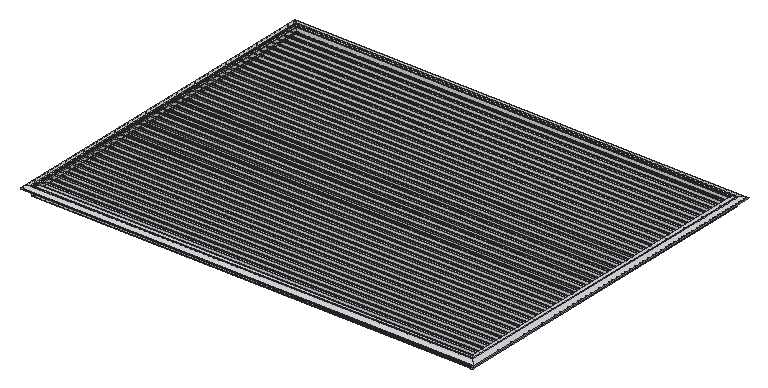
Revit family "11102_GEK1", category Air Terminals, Revit 2012
Parameters (values of type "GEK1")
  Visible_Texto = not(and(and(and(Medida_Requerida_Vertical > 5", Medida_Requerida_Vertical < 37"), and(Medida_Requerida_Horizontal > 5", Medida_Requerida_Horizontal < 49")), and(Medida_Requerida_Vertical = (Var1 * 1"), Medida_Requerida_Horizontal = (Var2 * 1"))))  # no
  Var4 = if(Var1 * 1" < 6", 6", if(Var1 * 1" > 36", 36", Var1 * 1"))  # 36"
  Var3 = if(Var2 * 1" < 6", 6", if(Var2 * 1" > 48", 48", Var2 * 1"))  # 48"
  Var2 = roundup(Medida_Requerida_Horizontal / 2") * 2  # 48
  Var1 = roundup(Medida_Requerida_Vertical / 2") * 2  # 36
  URL = "https://www.innes.com.mx"
  Type Comments = "Aletas tipo \"K\""
  Tipo de Cuello = "Cuadrado/Rectangular"
  Posición de Instalación = "Muro"
  Nota1 = if(Medida_Requerida_Vertical > 36", "Medida vertical no disponible máximo 36 in", if(Medida_Requerida_Vertical < 6", "Medida vertical no disponible mínimo 6 in", if(Medida_Requerida_Horizontal > 48", "Medida horizontal no disponible máximo 48 in", if(Medida_Requerida_Horizontal < 6", "Medida horizontal no disponible mínimo 6 in", if(and(Medida_Requerida_Vertical = (Var1 * 1"), Medida_Requerida_Horizontal = (Var2 * 1")), ".", "Medida no Válida. Sólo incrementos de 2 in")))))  # "."
  Model = "GEK1"
  Medida_Requerida_Vertical = 36"
  Medida_Requerida_Horizontal = 48"
  Material = "Aluminio"
  Manufacturer = "INNES"
  Incrementos de Cuello = "de 2\""
  Description = "Rejilla para toma de aire exterior"
  Inclinación = "30 grados"
  Cuello Rectangular Min-Max = "8\"x6\" a 48\"x36\""
  Cuello Cuadrado Min-Max = "6\"x6\" a 36\"x36\""
  Conect_Vertical = Var4 - 1" / 4  # 35 3/4"
  Conect_Horizontal = Var3 - 1" / 4  # 47 3/4"
Reference planes (in)
  plane 1 "Center (Front/Back)": y = 0
  plane 2: z = 0
  plane 3 "Center (Left/Right)": x = 0
  plane 4 "Conect": z = -0.99909
Nested families (in)
  nested 1: "GEK1" at (0, 0, 0), type "GEK1"
  nested 2: "Texto" at (24.88732, -30.10098, 0), type "texto"
    with Visible_Texto no
Connectors (in)
  hvac at (0, 0, -0.99909), driven by "Conect_Horizontal", driven by "Conect_Vertical"
    settings: index 1, duct flow 0.0 L/s, flow factor 0, pres drop 0.0 Pa, loss coef 0, conn angle 0.00°, conn width 1212.85 mm, conn height 908.05 mm, conn radius 304.8 mm, duct sys type 1, conn prof type 1, flow config 0, flow direction 0, loss method 0, conn ref index -1, conn util no, is conn primary yes, conn desc ""
Definition of nested family "GEK1"
  Parameters (values of type "GEK1")
    separación = 13" / 16  # 13/16"
    Var4 = if(Var1 * 1" < 6", 6", if(Var1 * 1" > 36", 36", Var1 * 1"))  # 36"
    Var3 = if(Var2 * 1" < 6", 6", if(Var2 * 1" > 48", 48", Var2 * 1"))  # 48"
    Var2 = roundup(Medida_Requerida_Horizontal / 2") * 2  # 48
    Var1 = roundup(Medida_Requerida_Vertical / 2") * 2  # 36
    URL = ""
    N° de rejillas = (Medida_Real_Vertical / (separación)) - 1  # 43
    Medida_Requerida_Vertical = 36"
    Medida_Requerida_Horizontal = 48"
    Manufacturer = ""
    Medida_Real_Vertical = Var4 - 1" / 4  # 35 3/4"
    Medida_Real_Horizontal = Var3 - 1" / 4  # 47 3/4"
    Largo_Rejilla = Medida_Real_Horizontal - 31/128"  # 47 65/128"
  Reference planes (in)
    plane 1 "Center (Front/Back)": y = 0
    plane 2: z = 0
    plane 3 "Center (Left/Right)": x = 0
    plane 4: x = -23.875
    plane 5: x = 23.875
    plane 6: y = 17.875
    plane 7: y = -17.875
    plane 8: z = -0.39062
    plane 9: y = 17.125
  Forms (in)
    Sweep 1, solid
      path origin (0, 0, 0) x (1, 0, 0) y (0, 1, 0)
        loop
          line (-23.875, 17.875) -> (-23.875, -17.875) -> (23.875, -17.875) -> (23.875, 17.875) -> (-23.875, 17.875)
      profile origin (0, 17.875, 0) x (0, 1, 0) y (0, 0, 1)
        loop
          line (-0.12109, -0.0625) -> (-0.12109, -0.70625)
          arc (-0.12109, -0.70625) -> (-0.07919, -0.7236) -> (-0.06184, -0.76551) r 0.05926
          line (-0.06184, -0.76551) -> (-0.06184, -0.96784)
          arc (-0.06184, -0.96784) -> (-0.03059, -0.99909) -> (0.00066, -0.96784) r 0.03125
          line (0.00066, -0.96784) -> (0.00066, -0.68408)
          arc (0.00066, -0.68408) -> (-0.02655, -0.65716) -> (-0.06184, -0.64229) r 0.10104
          line (-0.06184, -0.64229) -> (-0.06184, -0.25) -> (0.26558, -0.25) -> (0.26558, -0.21398) -> (0.19854, -0.21398) -> (0.19854, -0.17208) -> (0.44854, -0.17208) -> (0.44854, -0.21398) -> (0.38213, -0.21398) -> (0.38213, -0.25) -> (0.53314, -0.25) -> (0.53314, -0.21398) -> (0.58076, -0.21398) -> (0.58076, -0.25) -> (0.67507, -0.25)
          arc (0.67507, -0.25) -> (0.6875, -0.2286) -> (0.67731, -0.20605) r 0.02704
          arc (0.67731, -0.20605) -> (0.39949, -0.05299) -> (0.08674, 0) r 0.94936
          line (0.08674, 0) -> (0.01272, 0) -> (-0.00639, -0.03448) -> (-0.02226, 0) -> (-0.3569, 0)
          arc (-0.3569, 0) -> (-0.375, -0.03053) -> (-0.35961, -0.0625) r 0.03757
          line (-0.35961, -0.0625) -> (-0.12109, -0.0625)
  Dimensions and locks (in)
    equal spacing: plane 4, plane 3 "Center (Left/Right)", plane 5
    equal spacing: plane 6, plane 1 "Center (Front/Back)", plane 7
    "Medida_Real_Horizontal": plane 4 to plane 5
    "Medida_Real_Vertical": plane 6 to plane 7
    locked: level to plane 8 at 0.39063
    plane 6 to plane 9 = 3/4"
    equal spacing: group 1, group 2, group 3, group 4, group 5, group 6, group 7, group 8, group 9, group 10, group 11, group 12, group 13, group 14, group 15, group 16, group 17, group 18, group 19, group 20, group 21, group 22, group 23, group 24, group 25, group 26, group 27, group 28, group 29, group 30, group 31, group 32, group 33, group 34, group 35, group 36, group 37, group 38, group 39, group 40, group 41, group 42, group 43  (x2)
    equal spacing: group 43, group 42, group 41, group 40, group 39, group 38, group 37, group 36, group 35, group 34, group 33, group 32, group 31, group 30, group 29, group 28, group 27, group 26, group 25, group 24, group 23, group 22, group 21, group 20, group 19, group 18, group 17, group 16, group 15, group 14, group 13, group 12, group 11, group 10, group 9, group 8, group 7, group 6, group 5, group 4, group 3, group 2, group 1
    "separación": plane 9 to nested 2
    aligned and locked: plane 2 to level
    aligned and locked: Sweep 1 sketch curve to plane 6
    aligned and locked: plane 4 to Sweep 1 sketch curve
    aligned and locked: plane 7 to Sweep 1 sketch curve
    aligned and locked: Sweep 1 sketch curve to plane 5
    aligned and locked: level to Sweep 1  (x2)
    aligned and locked: plane 9 to nested 1  (x2)
    aligned and locked: nested 1 to Sweep 1  (x7)
    aligned and locked: nested 1 to nested 1
    aligned and locked: Sweep 1 to nested 1  (x5)
    aligned and locked: Sweep 1 to Sweep 1  (x6)
    aligned and locked: nested 2 to nested 2
    aligned and locked: nested 2 to Sweep 1  (x5)
    aligned and locked: Sweep 1 to nested 2  (x5)
    aligned and locked: nested 3 to nested 3
    aligned and locked: nested 4 to nested 4
    aligned and locked: nested 5 to nested 5
    aligned and locked: nested 6 to nested 6
    aligned and locked: nested 7 to nested 7
    aligned and locked: nested 8 to nested 8
    aligned and locked: nested 9 to nested 9
    aligned and locked: nested 10 to nested 10
    aligned and locked: nested 11 to nested 11
    aligned and locked: nested 12 to nested 12
    aligned and locked: nested 13 to nested 13
    aligned and locked: nested 14 to nested 14
    aligned and locked: nested 15 to nested 15
    aligned and locked: nested 16 to nested 16
    aligned and locked: nested 17 to nested 17
    aligned and locked: nested 18 to nested 18
    aligned and locked: nested 19 to nested 19
    aligned and locked: nested 20 to nested 20
    aligned and locked: nested 21 to nested 21
    aligned and locked: nested 22 to nested 22
    aligned and locked: nested 23 to nested 23
    aligned and locked: nested 24 to nested 24
    aligned and locked: nested 25 to nested 25
    aligned and locked: nested 26 to nested 26
    aligned and locked: nested 27 to nested 27
    aligned and locked: nested 28 to nested 28
    aligned and locked: nested 29 to nested 29
    aligned and locked: nested 30 to nested 30
    aligned and locked: nested 31 to nested 31
    aligned and locked: nested 32 to nested 32
    aligned and locked: nested 33 to nested 33
    aligned and locked: nested 34 to nested 34
    aligned and locked: nested 35 to nested 35
    aligned and locked: nested 36 to nested 36
    aligned and locked: nested 37 to nested 37
    aligned and locked: nested 38 to nested 38
    aligned and locked: nested 39 to nested 39
    aligned and locked: nested 40 to nested 40
    aligned and locked: nested 41 to nested 41
    aligned and locked: nested 42 to nested 42
    aligned and locked: nested 43 to nested 43
  Automatic sketch dimensions
    Sweep 1 sketch curve to level = 0"  (x2)
    Sweep 1 sketch curve to level = 1/16"
    Sweep 1 sketch curve to Sweep 1 sketch curve = 0.00271"
    Sweep 1 sketch curve to level = 0.03215"
    profile plane to Sweep 1 sketch curve = 31/256"
    Sweep 1 sketch curve to Sweep 1 sketch curve = 0.03837"
    profile plane to Sweep 1 sketch curve = 0.06184"  (x2)
    profile plane to Sweep 1 sketch curve = 0.03059"
    profile plane to Sweep 1 sketch curve = 0.02226"
    profile plane to Sweep 1 sketch curve = 0.00639"
    Sweep 1 sketch curve to profile plane = 0.01272"
    Sweep 1 sketch curve to Sweep 1 sketch curve = 0.07402"
    Sweep 1 sketch curve to profile plane = 0.19854"
    Sweep 1 sketch curve to Sweep 1 sketch curve = 0.06704"
    Sweep 1 sketch curve to Sweep 1 sketch curve = 0.11656"
    Sweep 1 sketch curve to Sweep 1 sketch curve = 17/256"
    Sweep 1 sketch curve to Sweep 1 sketch curve = 0.0846"
    Sweep 1 sketch curve to Sweep 1 sketch curve = 0.04761"
    Sweep 1 sketch curve to Sweep 1 sketch curve = 0.07974"
    Sweep 1 sketch curve to Sweep 1 sketch curve = 0.01458"
    Sweep 1 sketch curve to Sweep 1 sketch curve = 0.01682"
    Sweep 1 sketch curve to Sweep 1 sketch curve = 0"
    Sweep 1 sketch curve to level = 0.17208"
    Sweep 1 sketch curve to Sweep 1 sketch curve = 0.03602"  (x4)
    Sweep 1 sketch curve to Sweep 1 sketch curve = 0.0419"  (x2)
    Sweep 1 sketch curve to Sweep 1 sketch curve = 0.30708"
    Sweep 1 sketch curve to Sweep 1 sketch curve = 0.0418"
    Sweep 1 sketch curve to Sweep 1 sketch curve = 0.03489"
    Sweep 1 sketch curve to Sweep 1 sketch curve = 0.01847"
    Sweep 1 sketch curve to level = 0.03448"
    Sweep 1 sketch curve to Sweep 1 sketch curve = 0.21637"
  Nested families (in)
    nested 1: "Rejilla k" at (23.75391, 17.03104, -0.44766) x (-1, 0, 0) z (0, 0, 1), type "Rejilla k"
      with Largo rejilla K 47 65/128"
    nested 2: "Rejilla k" at (23.75391, 16.21854, -0.44766) x (-1, 0, 0) z (0, 0, 1), type "Rejilla k"
      with Largo rejilla K 47 65/128"
    nested 3: "Rejilla k" at (23.75391, 15.40604, -0.44766) x (-1, 0, 0) z (0, 0, 1), type "Rejilla k"
      with Largo rejilla K 47 65/128"
    nested 4: "Rejilla k" at (23.75391, 14.59354, -0.44766) x (-1, 0, 0) z (0, 0, 1), type "Rejilla k"
      with Largo rejilla K 47 65/128"
    nested 5: "Rejilla k" at (23.75391, 13.78104, -0.44766) x (-1, 0, 0) z (0, 0, 1), type "Rejilla k"
      with Largo rejilla K 47 65/128"
    nested 6: "Rejilla k" at (23.75391, 12.96854, -0.44766) x (-1, 0, 0) z (0, 0, 1), type "Rejilla k"
      with Largo rejilla K 47 65/128"
    nested 7: "Rejilla k" at (23.75391, 12.15604, -0.44766) x (-1, 0, 0) z (0, 0, 1), type "Rejilla k"
      with Largo rejilla K 47 65/128"
    nested 8: "Rejilla k" at (23.75391, 11.34354, -0.44766) x (-1, 0, 0) z (0, 0, 1), type "Rejilla k"
      with Largo rejilla K 47 65/128"
    nested 9: "Rejilla k" at (23.75391, 10.53104, -0.44766) x (-1, 0, 0) z (0, 0, 1), type "Rejilla k"
      with Largo rejilla K 47 65/128"
    nested 10: "Rejilla k" at (23.75391, 9.71854, -0.44766) x (-1, 0, 0) z (0, 0, 1), type "Rejilla k"
      with Largo rejilla K 47 65/128"
    nested 11: "Rejilla k" at (23.75391, 8.90604, -0.44766) x (-1, 0, 0) z (0, 0, 1), type "Rejilla k"
      with Largo rejilla K 47 65/128"
    nested 12: "Rejilla k" at (23.75391, 8.09354, -0.44766) x (-1, 0, 0) z (0, 0, 1), type "Rejilla k"
      with Largo rejilla K 47 65/128"
    nested 13: "Rejilla k" at (23.75391, 7.28104, -0.44766) x (-1, 0, 0) z (0, 0, 1), type "Rejilla k"
      with Largo rejilla K 47 65/128"
    nested 14: "Rejilla k" at (23.75391, 6.46854, -0.44766) x (-1, 0, 0) z (0, 0, 1), type "Rejilla k"
      with Largo rejilla K 47 65/128"
    nested 15: "Rejilla k" at (23.75391, 5.65604, -0.44766) x (-1, 0, 0) z (0, 0, 1), type "Rejilla k"
      with Largo rejilla K 47 65/128"
    nested 16: "Rejilla k" at (23.75391, 4.84354, -0.44766) x (-1, 0, 0) z (0, 0, 1), type "Rejilla k"
      with Largo rejilla K 47 65/128"
    nested 17: "Rejilla k" at (23.75391, 4.03104, -0.44766) x (-1, 0, 0) z (0, 0, 1), type "Rejilla k"
      with Largo rejilla K 47 65/128"
    nested 18: "Rejilla k" at (23.75391, 3.21854, -0.44766) x (-1, 0, 0) z (0, 0, 1), type "Rejilla k"
      with Largo rejilla K 47 65/128"
    nested 19: "Rejilla k" at (23.75391, 2.40604, -0.44766) x (-1, 0, 0) z (0, 0, 1), type "Rejilla k"
      with Largo rejilla K 47 65/128"
    nested 20: "Rejilla k" at (23.75391, 1.59354, -0.44766) x (-1, 0, 0) z (0, 0, 1), type "Rejilla k"
      with Largo rejilla K 47 65/128"
    nested 21: "Rejilla k" at (23.75391, 0.78104, -0.44766) x (-1, 0, 0) z (0, 0, 1), type "Rejilla k"
      with Largo rejilla K 47 65/128"
    nested 22: "Rejilla k" at (23.75391, -0.03146, -0.44766) x (-1, 0, 0) z (0, 0, 1), type "Rejilla k"
      with Largo rejilla K 47 65/128"
    nested 23: "Rejilla k" at (23.75391, -0.84396, -0.44766) x (-1, 0, 0) z (0, 0, 1), type "Rejilla k"
      with Largo rejilla K 47 65/128"
    nested 24: "Rejilla k" at (23.75391, -1.65646, -0.44766) x (-1, 0, 0) z (0, 0, 1), type "Rejilla k"
      with Largo rejilla K 47 65/128"
    nested 25: "Rejilla k" at (23.75391, -2.46896, -0.44766) x (-1, 0, 0) z (0, 0, 1), type "Rejilla k"
      with Largo rejilla K 47 65/128"
    nested 26: "Rejilla k" at (23.75391, -3.28146, -0.44766) x (-1, 0, 0) z (0, 0, 1), type "Rejilla k"
      with Largo rejilla K 47 65/128"
    nested 27: "Rejilla k" at (23.75391, -4.09396, -0.44766) x (-1, 0, 0) z (0, 0, 1), type "Rejilla k"
      with Largo rejilla K 47 65/128"
    nested 28: "Rejilla k" at (23.75391, -4.90646, -0.44766) x (-1, 0, 0) z (0, 0, 1), type "Rejilla k"
      with Largo rejilla K 47 65/128"
    nested 29: "Rejilla k" at (23.75391, -5.71896, -0.44766) x (-1, 0, 0) z (0, 0, 1), type "Rejilla k"
      with Largo rejilla K 47 65/128"
    nested 30: "Rejilla k" at (23.75391, -6.53146, -0.44766) x (-1, 0, 0) z (0, 0, 1), type "Rejilla k"
      with Largo rejilla K 47 65/128"
    nested 31: "Rejilla k" at (23.75391, -7.34396, -0.44766) x (-1, 0, 0) z (0, 0, 1), type "Rejilla k"
      with Largo rejilla K 47 65/128"
    nested 32: "Rejilla k" at (23.75391, -8.15646, -0.44766) x (-1, 0, 0) z (0, 0, 1), type "Rejilla k"
      with Largo rejilla K 47 65/128"
    nested 33: "Rejilla k" at (23.75391, -8.96896, -0.44766) x (-1, 0, 0) z (0, 0, 1), type "Rejilla k"
      with Largo rejilla K 47 65/128"
    nested 34: "Rejilla k" at (23.75391, -9.78146, -0.44766) x (-1, 0, 0) z (0, 0, 1), type "Rejilla k"
      with Largo rejilla K 47 65/128"
    nested 35: "Rejilla k" at (23.75391, -10.59396, -0.44766) x (-1, 0, 0) z (0, 0, 1), type "Rejilla k"
      with Largo rejilla K 47 65/128"
    nested 36: "Rejilla k" at (23.75391, -11.40646, -0.44766) x (-1, 0, 0) z (0, 0, 1), type "Rejilla k"
      with Largo rejilla K 47 65/128"
    nested 37: "Rejilla k" at (23.75391, -12.21896, -0.44766) x (-1, 0, 0) z (0, 0, 1), type "Rejilla k"
      with Largo rejilla K 47 65/128"
    nested 38: "Rejilla k" at (23.75391, -13.03146, -0.44766) x (-1, 0, 0) z (0, 0, 1), type "Rejilla k"
      with Largo rejilla K 47 65/128"
    nested 39: "Rejilla k" at (23.75391, -13.84396, -0.44766) x (-1, 0, 0) z (0, 0, 1), type "Rejilla k"
      with Largo rejilla K 47 65/128"
    nested 40: "Rejilla k" at (23.75391, -14.65646, -0.44766) x (-1, 0, 0) z (0, 0, 1), type "Rejilla k"
      with Largo rejilla K 47 65/128"
    nested 41: "Rejilla k" at (23.75391, -15.46896, -0.44766) x (-1, 0, 0) z (0, 0, 1), type "Rejilla k"
      with Largo rejilla K 47 65/128"
    nested 42: "Rejilla k" at (23.75391, -16.28146, -0.44766) x (-1, 0, 0) z (0, 0, 1), type "Rejilla k"
      with Largo rejilla K 47 65/128"
    nested 43: "Rejilla k" at (23.75391, -17.09396, -0.44766) x (-1, 0, 0) z (0, 0, 1), type "Rejilla k"
      with Largo rejilla K 47 65/128"
  Definition of nested family "Rejilla k"
    Parameters (values of type "Rejilla k")
      Largo rejilla K = 40"
      Eje mitad rejilla = 15"
    Reference planes (in)
      plane 1 "Center (Front/Back)": y = 0
      plane 2: z = 0
      plane 3 "Center (Left/Right)": x = 0
      plane 4: x = 40
      plane 5: z = -0.39063
      plane 6: y = -0.46875
      plane 7: y = 0.46875
      plane 8: z = 0.39062
      plane 9: x = 20
      plane 10: z = 0
    Forms (in)
      Extrusion 1, solid
        sketch origin (0, 0.46367, 0.38288) x (0, 0, 1) y (0, -1, 0)
          loop
            arc (-0.50491, 0.91296) -> (-0.5476, 0.9244) -> (-0.55904, 0.88171) r 0.03125
            line (-0.55904, 0.88171) -> (-0.40802, 0.62013) -> (-0.7682, 0.62013) -> (-0.7682, 0.55763) -> (-0.37193, 0.55763) -> (-0.05904, 0.01568)
            arc (-0.05904, 0.01568) -> (-0.01635, 0.00424) -> (-0.00491, 0.04693) r 0.03125
            line (-0.00491, 0.04693) -> (-0.50491, 0.91296)
        from 0 to 40
    Dimensions and locks (in)
      Extrusion 1 sketch curve to Extrusion 1 sketch curve = 1/16"  (x2)
      Extrusion 1 sketch curve to Extrusion 1 sketch curve = 0.30205"
      "Largo rejilla K": plane 4 to plane 3 "Center (Left/Right)"
      locked: plane 1 "Center (Front/Back)" to plane 6 at 0.46875
      locked: level to plane 5 at 0.39063
      equal spacing: plane 7, plane 1 "Center (Front/Back)", plane 6
      equal spacing: plane 8, level, plane 5
      equal spacing: plane 3 "Center (Left/Right)", plane 9, plane 4
      "Largo rejilla K": plane 3 "Center (Left/Right)" to plane 4
      aligned and locked: plane 2 to level
      aligned and locked: Extrusion 1 to plane 4
    Automatic sketch dimensions
      Extrusion 1 sketch curve to level = 0.38532"
      Extrusion 1 sketch curve to level = 0.17616"
      Extrusion 1 sketch curve to Extrusion 1 sketch curve = 0.02706"  (x4)
      Extrusion 1 sketch curve to Extrusion 1 sketch curve = 0.15102"
      Extrusion 1 sketch curve to Extrusion 1 sketch curve = 0.03608"
      Extrusion 1 sketch curve to plane 1 "Center (Front/Back)" = 0.44798"
      Extrusion 1 sketch curve to Extrusion 1 sketch curve = 0.31289"
      plane 1 "Center (Front/Back)" to Extrusion 1 sketch curve = 0.09396"
Definition of nested family "Texto"
  Parameters (values of type "texto")
    texto = "Medida horizontal no disponible máximo 48 in"
    Visible_Texto = yes
    Color = rojo
  Reference planes (in)
    plane 1 "Center (Front/Back)": y = 0
    plane 2: z = 0
    plane 3 "Center (Left/Right)": x = 0
